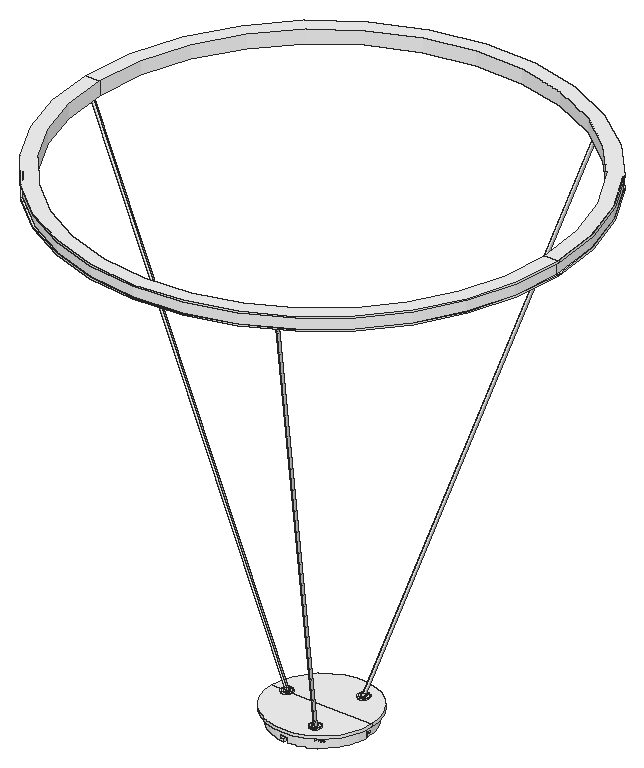
Revit family "(VRO) Vicky Ring Outward Light Acoustic Light", category Lighting Fixtures, host Face, Revit 2020
Family settings
  Host = Face
  Round Connector Dimension = Use Diameter
  Part Type = Normal
  Cut with Voids When Loaded = No
  Light Source = Yes
  Shared = No
  Room Calculation Point = No
Parameters (values of type "VRO-7047-30901-ACPMK-WH")
  Wattage Comments = "70 W"
  Wattage = 32.9873 W
  built-in parameter 1150110 = 1 (stored number, unit not read)
  Voltage = "120-277 V"  # constant formula
  URL = "https://www.abovealllighting.com/product/LED-INDOOR-FIXTURE/Ring/VROVickyRingOutwardLight.html"
  Type Comments = "Ring Outward Light Acoustic Light"  # constant formula
  built-in parameter 1114217 = 1 (stored number, unit not read)
  Tilt Angle = -90.00°
  built-in parameter 1150109 = 1 (stored number, unit not read)
  built-in parameter 1150134 = (empty or 0)
  Suspender Height = 4' - 0"  # constant formula
  Surface Mount [instance] = no
  built-in parameter 1150113 = 1 (stored number, unit not read)
  Power Factor = 1
  Photometric Web File = "VRO_7047_30901_WH.ies"
  Order number = "16277"
  Model = "VRO-7047-40901-ACPMK-WH"
  Manufacturer = "Above All Lighting"  # constant formula
  built-in parameter 1150105 = 389.93 (stored number, unit not read)
  Lumens = 4900 lm
  built-in parameter 1150115 = 1 (stored number, unit not read)
  Load Classification = Lighting
  built-in parameter 1150137 = (empty or 0)
  built-in parameter 1150139 = (empty or 0)
  built-in parameter 1150112 = 1 (stored number, unit not read)
  built-in parameter 1150114 = 1 (stored number, unit not read)
  Inside Body Material = none
  Inside Body [instance] = no
  Inner Diameter = D1 - 0' 1 77/256"  # 1' - 10 77/256"
  built-in parameter 1150132 = 2
  built-in parameter 1150102 = (empty or 0)
  built-in parameter 1150107 = 3000 (stored number, unit not read)
  built-in parameter 1150138 = (empty or 0)
  built-in parameter 1150106 = 3.8993 (stored number, unit not read)
  IP Rating = "20"  # constant formula
  H2 = Suspender Height - B  # 3' - 10.62"
  H1 = sqrt((D3 ^ 2) + (H2 ^ 2))  # 4' - 2.57317"
  H = 0' - 1.3"
  Finish/Color = White
  built-in parameter 1150104 = 13.8 (stored number, unit not read)
  Dimming Lamp Color Temperature Shift = <None>
  Dimming / Control = "0-10 V"  # constant formula
  Description = "The Vicky Ring light is a unique ring style light with an LED light source illuminating from its outer surface."  # constant formula
  Default Elevation = 0' - 0"
  D3 = D2 - A1  # 1' - 7 77/128"
  D2 = D1 - 0' 0 1/2"  # 1' - 11 13/128"
  D1 = 1' - 11 77/128"
  D = D1 * 2  # 3' - 11 13/64"
  Color Filter = 16777215
  CRI = "90"  # constant formula
  C = 0' - 1.4"
  built-in parameter 1114218 = 1 (stored number, unit not read)
  B = 0' - 1.38"
  Average life based on 77F(HRS) = "50000"  # constant formula
  built-in parameter 1150133 = 10 (stored number, unit not read)
  Apparent Load = 87.5 VA
  Aircraft Cable Pendant Mount [instance] = not(Surface Mount)  # yes
  A1 = A - 0' 1 1/2"  # 0' - 3 1/2"
  A = 0' - 5"
Types (8): name | Wattage Comments | Wattage | built-in parameter 1150134 | Photometric Web File | Order number | Model | built-in parameter 1150105 | Lumens | Inside Body Material | Inside Body | Inner Diameter | built-in parameter 1150107 | built-in parameter 1150106 | H1 | Finish/Color | Default Elevation | D3 | D2 | D1 | D | Apparent Load
  (no name) | "70 W" | 32.9873 W | (empty or 0) | "VRO_7047_30901_WH.ies" | "16277" | "VRO-7047-40901-ACPMK-WH" | 389.93 (stored number, unit not read) | 4900 lm | none | no | 1' - 10 77/256" | 3000 (stored number, unit not read) | 3.8993 (stored number, unit not read) | 4' - 2.57317" | White | 0' - 0" | 1' - 7 77/128" | 1' - 11 13/128" | 1' - 11 77/128" | 3' - 11 13/64" | 87.5 VA
  VRO-3624-40901-ACPMK-WH | "32 W" | 15.0799 W | 12 | "VRO-3624-40901-WH.ies" | "16275" | "VRO-3624-40901-ACPMK-WH" | 178.25 (stored number, unit not read) | 2240 lm | none | no | 0' - 10 1/2" | 4000 (stored number, unit not read) | 1.7825 (stored number, unit not read) | 3' - 11.26814" | White | 0' - 0" | 0' - 7 205/256" | 0' - 11 77/256" | 0' - 11 205/256" | 1' - 11 77/128" | 40 VA
  VRO-4035-30901-ACPMK-WH | "40 W" | 18.8499 W | (empty or 0) | "VRO_4035_30901_WH.ies" | "16276" | "VRO-4035-40901-ACPMK-WH" | 222.82 (stored number, unit not read) | 2800 lm | none | no | 1' - 4 51/128" | 3000 (stored number, unit not read) | 2.2282 (stored number, unit not read) | 4' - 0.59108" | White | 4' - 0" | 1' - 1 179/256" | 1' - 5 51/256" | 1' - 5 179/256" | 2' - 11 51/128" | 50 VA
  VRO-7047-30901-ACPMK-WH | "70 W" | 32.9873 W | (empty or 0) | "VRO_7047_30901_WH.ies" | "16277" | "VRO-7047-40901-ACPMK-WH" | 389.93 (stored number, unit not read) | 4900 lm | none | no | 1' - 10 77/256" | 3000 (stored number, unit not read) | 3.8993 (stored number, unit not read) | 4' - 2.57317" | White | 0' - 0" | 1' - 7 77/128" | 1' - 11 13/128" | 1' - 11 77/128" | 3' - 11 13/64" | 87.5 VA
  VRO-8059-30901-ACPMK-WH | "80 W" | 37.6998 W | (empty or 0) | "VRO_8059_30901_WH.ies" | "16278" | "VRO-8059-40901-ACPMK-WH" | 445.63 (stored number, unit not read) | 5600 lm | none | no | 2' - 4 1/4" | 3000 (stored number, unit not read) | 4.4563 (stored number, unit not read) | 4' - 5.16264" | Alluminium Fiber | 0' - 0" | 2' - 1 141/256" | 2' - 5 13/256" | 2' - 5 141/256" | 4' - 11 13/128" | 100 VA
  VRO-LA-3624-40901-ACPMK-WH-NSAC-021 130 | "32 W" | 15.0799 W | 12 | "VRO_LA_3624_XX901_with_acoustic.ies" | "16283" | "VRO-LA-3624-40901-ACPMK-WH-NSAC-021 130" | 178.25 (stored number, unit not read) | 2240 lm | Acoustic -130 | yes | 0' - 10 1/2" | 4000 (stored number, unit not read) | 1.7825 (stored number, unit not read) | 3' - 11.26814" | Alluminium Fiber | 0' - 0" | 0' - 7 205/256" | 0' - 11 77/256" | 0' - 11 205/256" | 1' - 11 77/128" | 40 VA
  VRO-LA-4035-40901-ACPMK-WH-NSAC-021 130 | "40 W" | 18.8499 W | 12 | "VRO_LA_4035_XX901_with_acoustic.ies" | "16284" | "VRO-LA-4035-40901-ACPMK-WH-NSAC-021 130" | 222.82 (stored number, unit not read) | 2800 lm | Acoustic -130 | yes | 1' - 4 51/128" | 4000 (stored number, unit not read) | 2.2282 (stored number, unit not read) | 4' - 0.59108" | Alluminium Fiber | 0' - 0" | 1' - 1 179/256" | 1' - 5 51/256" | 1' - 5 179/256" | 2' - 11 51/128" | 50 VA
  VRO-LA-7047-40901-ACPMK-WH-NSAC-021 130 | "70 W" | 32.9873 W | 12 | "VRO_LA_7047_XX901_with_acoustic.ies" | "16285" | "VRO-LA-7047-40901-ACPMK-WH-NSAC-021 130" | 389.93 (stored number, unit not read) | 4900 lm | Acoustic -130 | yes | 1' - 10 77/256" | 4000 (stored number, unit not read) | 3.8993 (stored number, unit not read) | 4' - 2.57317" | Alluminium Fiber | 0' - 0" | 1' - 7 77/128" | 1' - 11 13/128" | 1' - 11 77/128" | 3' - 11 13/64" | 87.5 VA
Reference planes (in)
  plane 1 "Center (Front/Back)": y = 0
  plane 2: z = 0
  plane 3 "Center (Left/Right)": x = 0
  plane 4: z = 1.38
  plane 5: z = 48
  plane 6: z = 49.3
  plane 7: x = -3.5
  plane 8: x = -23.10156
  plane 9: y = -3.5
  plane 10: y = 3.5
  plane 11: y = -3.0424
  plane 12: through (0, 0, 48) normal (0.866, 0.5, 0)
  plane 13: through (0, 0, 48) normal (-0.866, 0.5, 0)
  plane 14: through (1.75, -3.03109, 48) normal (-0.5, 0.866, 0)
  plane 15: through (1.75, 3.03109, 48) normal (0.5, 0.866, 0)
Forms (in)
  Revolve 1, solid, material "White" <- "Finish/Color", visible <- "Aircraft Cable Pendant Mount"
    sketch origin (0, 0, 0) x (1, 0, 0) y (0, 0, 1)
      loop
        line (0, 1.38) -> (-5, 1.38) -> (-5, 1.13) -> (-4.5, 1.13) -> (-4.5, 0) -> (-4.25, 0) -> (-4.25, 1.13) -> (0, 1.13) -> (0, 1.38)
      axis (0, 0) -> (0, 1.38)
    angle from 0 to 360
  Extrusion 2, void
    sketch origin (0, 0, 0) x (1, 0, 0) y (0, 0, 1)
      loop
        line (0.15625, 0) -> (0.15625, 0.5) -> (-0.47692, 0.5) -> (-0.47692, 0.25) -> (-0.15625, 0.25) -> (-0.15625, 0) -> (0.15625, 0)
    from -7.02479 to 6.62449
  Extrusion 3, void
    sketch origin (0, 0, 0) x (0, 1, 0) y (0, 0, 1)
      loop
        line (-0.15625, 0) -> (0.15625, 0) -> (0.15625, 0.25) -> (0.47692, 0.25) -> (0.47692, 0.5) -> (-0.15625, 0.5) -> (-0.15625, 0)
    from -6.62287 to 6.36874
  Revolve 4, solid, material "White" <- "Finish/Color", visible <- "Aircraft Cable Pendant Mount"
    sketch origin (0, 0, 0) x (1, 0, 0) y (0, 0, 1)
      loop
        line (-22.20156, 48) -> (-22.20156, 49.3) -> (-23.60156, 49.3) -> (-23.60156, 49.175) -> (-23.47656, 49.175) -> (-23.47656, 48.125) -> (-23.60156, 48.125) -> (-23.60156, 48) -> (-22.20156, 48)
      axis (0, 49.3) -> (0, 48)
    angle from 0 to 360
  Extrusion 5, void
    sketch origin (0, 0, 0) x (1, 0, 0) y (0, 0, 1)
      loop
        arc (2.42115, 1.06858) -> (2.39629, 1.05828) -> (2.38599, 1.03342) r 0.03516
        line (2.38599, 1.03342) -> (2.38599, 0.6685)
        arc (2.38599, 0.6685) -> (2.39682, 0.64236) -> (2.42295, 0.63154) r 0.03696
        line (2.42295, 0.63154) -> (2.51418, 0.63154)
        arc (2.51418, 0.63154) -> (2.53769, 0.64127) -> (2.54742, 0.66478) r 0.03324
        line (2.54742, 0.66478) -> (2.54742, 1.03342)
        arc (2.54742, 1.03342) -> (2.53713, 1.05828) -> (2.51227, 1.06858) r 0.03516
        line (2.51227, 1.06858) -> (2.42115, 1.06858)
      loop
        arc (2.67115, 1.06858) -> (2.64629, 1.05828) -> (2.63599, 1.03342) r 0.03516
        line (2.63599, 1.03342) -> (2.63599, 0.6685)
        arc (2.63599, 0.6685) -> (2.64682, 0.64236) -> (2.67295, 0.63154) r 0.03696
        line (2.67295, 0.63154) -> (2.76418, 0.63154)
        arc (2.76418, 0.63154) -> (2.78769, 0.64127) -> (2.79742, 0.66478) r 0.03324
        line (2.79742, 0.66478) -> (2.79742, 1.03342)
        arc (2.79742, 1.03342) -> (2.78713, 1.05828) -> (2.76227, 1.06858) r 0.03516
        line (2.76227, 1.06858) -> (2.67115, 1.06858)
      loop
        arc (2.92115, 1.06858) -> (2.89629, 1.05828) -> (2.88599, 1.03342) r 0.03516
        line (2.88599, 1.03342) -> (2.88599, 0.6685)
        arc (2.88599, 0.6685) -> (2.89682, 0.64236) -> (2.92295, 0.63154) r 0.03696
        line (2.92295, 0.63154) -> (3.01418, 0.63154)
        arc (3.01418, 0.63154) -> (3.03769, 0.64127) -> (3.04742, 0.66478) r 0.03324
        line (3.04742, 0.66478) -> (3.04742, 1.03342)
        arc (3.04742, 1.03342) -> (3.03713, 1.05828) -> (3.01227, 1.06858) r 0.03516
        line (3.01227, 1.06858) -> (2.92115, 1.06858)
    from 0 to 12
  Revolve 6, solid, material "White" <- "Finish/Color", visible <- "Aircraft Cable Pendant Mount"
    sketch origin (0, 0, 0) x (1, 0, 0) y (0, 0, 1)
      loop
        line (-3.5, 1.38) -> (-3.5, 1.72867) -> (-3.66885, 1.72867) -> (-3.66885, 1.5483)
        arc (-3.66885, 1.5483) -> (-3.68925, 1.49906) -> (-3.73848, 1.47867) r 0.06963
        line (-3.73848, 1.47867) -> (-4.00049, 1.47867)
        arc (-4.00049, 1.47867) -> (-4.01672, 1.47195) -> (-4.02344, 1.45572) r 0.02295
        line (-4.02344, 1.45572) -> (-4.02344, 1.38) -> (-3.5, 1.38)
      axis (-3.5, 1.72867) -> (-3.5, 1.38)
    angle from 0 to 360
  Revolve 7, solid, material "White" <- "Finish/Color", visible <- "Aircraft Cable Pendant Mount"
    sketch origin (0, 0, 0) x (-0.5, 0.866025, 0) y (0, 0, 1)
      loop
        line (-3.5, 1.38) -> (-3.5, 1.72867) -> (-3.66885, 1.72867) -> (-3.66885, 1.5483)
        arc (-3.66885, 1.5483) -> (-3.68925, 1.49906) -> (-3.73848, 1.47867) r 0.06963
        line (-3.73848, 1.47867) -> (-4.00049, 1.47867)
        arc (-4.00049, 1.47867) -> (-4.01672, 1.47195) -> (-4.02344, 1.45572) r 0.02295
        line (-4.02344, 1.45572) -> (-4.02344, 1.38) -> (-3.5, 1.38)
      axis (-3.5, 1.72867) -> (-3.5, 1.38)
    angle from 0 to 360
  Revolve 8, solid, material "White" <- "Finish/Color", visible <- "Aircraft Cable Pendant Mount"
    sketch origin (0, 0, 0) x (-0.5, -0.866025, 0) y (0, 0, 1)
      loop
        line (-3.5, 1.38) -> (-3.5, 1.72867) -> (-3.66885, 1.72867) -> (-3.66885, 1.5483)
        arc (-3.66885, 1.5483) -> (-3.68925, 1.49906) -> (-3.73848, 1.47867) r 0.06963
        line (-3.73848, 1.47867) -> (-4.00049, 1.47867)
        arc (-4.00049, 1.47867) -> (-4.01672, 1.47195) -> (-4.02344, 1.45572) r 0.02295
        line (-4.02344, 1.45572) -> (-4.02344, 1.38) -> (-3.5, 1.38)
      axis (-3.5, 1.72867) -> (-3.5, 1.38)
    angle from 0 to 360
  Revolve 9, solid, material "Acoustic", visible <- "Inside Body"
    sketch origin (0, 0, 0) x (1, 0, 0) y (0, 0, 1)
      loop
        line (0, 48) -> (0, 48.5) -> (-22.30078, 48.5) -> (-22.30078, 48) -> (0, 48)
      axis (0, 48.5) -> (0, 48)
    angle from 0 to 360
Cuts and joins
  Extrusion 2, Extrusion 3, Extrusion 5 cuts Revolve 1
Dimensions and locks (in)
  "B": plane 4 to plane 2
  "A": plane 3 "Center (Left/Right)" to Revolve 1 sketch curve
  locked: Revolve 1 sketch curve to Revolve 1 sketch curve at 0.25
  "H": plane 6 to plane 5
  "Suspender Height": plane 5 to plane 2
  "D1": plane 3 "Center (Left/Right)" to Revolve 4 sketch curve
  "A1": plane 3 "Center (Left/Right)" to plane 7
  "D2": plane 3 "Center (Left/Right)" to plane 8
  Revolve 6 sketch curve to Revolve 6 sketch curve = 0' - 0 67/128"
  Revolve 7 sketch curve to Revolve 7 sketch curve = 0' - 0 67/128"
  Revolve 8 sketch curve to Revolve 8 sketch curve = 0' - 0 67/128"
  "A1": plane 9 to plane 1 "Center (Front/Back)"
  "A1": plane 1 "Center (Front/Back)" to plane 10
  locked: Revolve 4 sketch curve to Revolve 4 sketch curve at 1.275
  locked: Revolve 4 sketch curve to Revolve 4 sketch curve at 1.4
  locked: Revolve 9 sketch curve to Revolve 9 sketch curve at 0.5
  "Inner Diameter": plane 3 "Center (Left/Right)" to Revolve 9 sketch curve
  locked: plane 13 to plane 3 "Center (Left/Right)" (angle 30.00°)
  locked: plane 3 "Center (Left/Right)" to plane 12 (angle 30.00°)
  locked: plane 15 to plane 13 (angle 90.00°)
  locked: plane 12 to plane 14 (angle 90.00°)
  aligned and locked: plane 2 to host face
  aligned and locked: level to host face
  aligned and locked: plane 3 "Center (Left/Right)" to Revolve 1 sketch curve  (x2)
  aligned and locked: plane 4 to Revolve 1 sketch curve
  aligned and locked: Revolve 1 sketch curve to host face
  aligned and locked: plane 4 to nested 3
  aligned and locked: plane 4 to nested 2
  aligned and locked: plane 4 to nested 1
  aligned and locked: nested 2 to plane 12
  aligned and locked: plane 14 to nested 2
  aligned and locked: plane 1 "Center (Front/Back)" to nested 3
  aligned and locked: nested 3 to plane 7
  aligned and locked: nested 1 to plane 15
  aligned and locked: nested 1 to plane 13
  aligned and locked: nested 4 to plane 2
  aligned and locked: plane 5 to imposter light
  aligned and locked: plane 3 "Center (Left/Right)" to imposter light
  aligned and locked: plane 6 to Revolve 4 sketch curve
  aligned and locked: Revolve 4 sketch curve to plane 5
  aligned and locked: plane 5 to Revolve 9 sketch curve
  aligned and locked: Revolve 9 sketch curve to plane 3 "Center (Left/Right)"  (x2)
Automatic sketch dimensions
  host sketch curve to host sketch curve = 10' - 0.41868"
  host sketch curve to host sketch curve = 10' - 0"
  Extrusion 2 sketch curve to level = 0' - 0"
  level to Extrusion 2 sketch curve = 0' - 0 1/4"
  Extrusion 2 sketch curve to plane 3 "Center (Left/Right)" = 0' - 0.47692"
  Extrusion 2 sketch curve to plane 3 "Center (Left/Right)" = 0' - 0 5/32"
  plane 3 "Center (Left/Right)" to Extrusion 2 sketch curve = 0' - 0 5/32"
  Extrusion 2 sketch curve to Extrusion 2 sketch curve = 0' - 0 1/4"
  plane 1 "Center (Front/Back)" to Extrusion 3 sketch curve = 0' - 0 5/32"
  Extrusion 3 sketch curve to Extrusion 3 sketch curve = 0' - 0 5/16"
  Extrusion 3 sketch curve to Extrusion 3 sketch curve = 0' - 0.32067"
  level to Extrusion 3 sketch curve = 0' - 0"
  Extrusion 3 sketch curve to Extrusion 3 sketch curve = 0' - 0 1/4"  (x2)
  level to Extrusion 5 sketch curve = 0' - 0.6685"
  plane 3 "Center (Left/Right)" to Extrusion 5 sketch curve = 0' - 2.38599"
  Extrusion 5 sketch curve to Extrusion 5 sketch curve = 0' - 0 9/256"  (x6)
  Extrusion 5 sketch curve to Extrusion 5 sketch curve = 0' - 0.03696"  (x3)
  Extrusion 5 sketch curve to Extrusion 5 sketch curve = 0' - 0.09112"  (x3)
  Extrusion 5 sketch curve to Extrusion 5 sketch curve = 0' - 0.09123"  (x3)
  Extrusion 5 sketch curve to Extrusion 5 sketch curve = 0' - 0.08857"  (x2)
  Extrusion 5 sketch curve to Extrusion 5 sketch curve = 0' - 0.03324"  (x2)
  Extrusion 5 sketch curve to plane 4 = 0' - 0.34658"
  Extrusion 5 sketch curve to Extrusion 5 sketch curve = 0' - 0"  (x2)
  Revolve 6 sketch curve to Revolve 6 sketch curve = 0' - 0.02295"
  Revolve 6 sketch curve to Revolve 6 sketch curve = 0' - 0.16885"
  Revolve 6 sketch curve to Revolve 6 sketch curve = 0' - 0.18037"
  Revolve 6 sketch curve to Revolve 6 sketch curve = 0' - 0.16809"
  Revolve 6 sketch curve to Revolve 6 sketch curve = 0' - 0.06963"
  Revolve 6 sketch curve to Revolve 6 sketch curve = 0' - 0.07572"
  Revolve 6 sketch curve to Revolve 6 sketch curve = 0' - 0"
  Revolve 6 sketch curve to Revolve 6 sketch curve = 0' - 0.16439"
  Revolve 7 sketch curve to Revolve 7 sketch curve = 0' - 0.02295"
  Revolve 7 sketch curve to Revolve 7 sketch curve = 0' - 0.16885"
  Revolve 7 sketch curve to Revolve 7 sketch curve = 0' - 0.18037"
  Revolve 7 sketch curve to Revolve 7 sketch curve = 0' - 0.16809"
  Revolve 7 sketch curve to Revolve 7 sketch curve = 0' - 0.06963"
  Revolve 7 sketch curve to Revolve 7 sketch curve = 0' - 0.07572"
  Revolve 7 sketch curve to Revolve 7 sketch curve = 0' - 0"
  Revolve 7 sketch curve to Revolve 7 sketch curve = 0' - 0.16439"
  Revolve 8 sketch curve to Revolve 8 sketch curve = 0' - 0.02295"
  Revolve 8 sketch curve to Revolve 8 sketch curve = 0' - 0.16885"
  Revolve 8 sketch curve to Revolve 8 sketch curve = 0' - 0.18037"
  Revolve 8 sketch curve to Revolve 8 sketch curve = 0' - 0.16809"
  Revolve 8 sketch curve to Revolve 8 sketch curve = 0' - 0.06963"
  Revolve 8 sketch curve to Revolve 8 sketch curve = 0' - 0.07572"
  Revolve 8 sketch curve to Revolve 8 sketch curve = 0' - 0"
  Revolve 8 sketch curve to Revolve 8 sketch curve = 0' - 0.16439"
  Revolve 1 sketch curve to plane 4 = 0' - 0 1/4"  (x2)
  Revolve 1 sketch curve to Revolve 1 sketch curve = 0' - 0 1/2"
  Revolve 1 sketch curve to level = 0' - 2 1/4"
  Revolve 1 sketch curve to Revolve 1 sketch curve = 0' - 0.12"
  Revolve 4 sketch curve to plane 3 "Center (Left/Right)" = 0' - 0"
  Revolve 4 sketch curve to Revolve 4 sketch curve = 0' - 0 1/8"
  plane 5 to Revolve 4 sketch curve = 0' - 0 1/8"
  Revolve 4 sketch curve to plane 6 = 0' - 0 1/8"
  Revolve 4 sketch curve to level = 2' - 0"
  plane 6 to Revolve 4 sketch curve = 6' - 5.41882"
  Revolve 9 sketch curve to Revolve 9 sketch curve = 0' - 2 1/4"
  plane 6 to Revolve 9 sketch curve = 0' - 1.95"
Nested families (in)
  nested 1: "Family5" at (0, 0, 1.42845) x (-0.5, -0.866, 0) z (0, 0, 1), A1 <- "A1", D2 <- "D2", Suspender Height <- "H2", Suspender Material <- "Finish/Color", visible <- "Aircraft Cable Pendant Mount", type "Family5"
    with Suspender Material White, Suspender Height 3' - 10.62", H1 4' - 2.57317", D3 1' - 7 77/128", D2 1' - 11 13/128", Aircraft Cable Pendant Mount yes, A1 0' - 3 1/2"
  nested 2: "Family5" at (0, 0, 1.42845) x (-0.5, 0.866, 0) z (0, 0, 1), A1 <- "A1", D2 <- "D2", Suspender Height <- "H2", visible <- "Aircraft Cable Pendant Mount", Suspender Material <- "Finish/Color", type "Family5"
    with Suspender Material White, Suspender Height 3' - 10.62", H1 4' - 2.57317", D3 1' - 7 77/128", D2 1' - 11 13/128", Aircraft Cable Pendant Mount yes, A1 0' - 3 1/2"
  nested 3: "Family5" at (0, 0, 1.42845), A1 <- "A1", D2 <- "D2", Suspender Height <- "H2", visible <- "Aircraft Cable Pendant Mount", Suspender Material <- "Finish/Color", type "Family5"
    with Suspender Material White, Suspender Height 3' - 10.62", H1 4' - 2.57317", D3 1' - 7 77/128", D2 1' - 11 13/128", Aircraft Cable Pendant Mount yes, A1 0' - 3 1/2"
  nested 4: "Family1" at (0, 0, 0), visible <- "Surface Mount", Body Material <- "Finish/Color", Surface Mount <- "Surface Mount", D1 <- "D1", type "Family1"
    with Surface Mount no, D1 1' - 11 77/128", Body Material White
Connectors (in)
  electrical at (-0.20934, 0, 0), driven by "Load Classification", driven by "Apparent Load", driven by "Power Factor"
    settings: on host face, index 1, voltage 0 V, apparent load 87.5 VA, apparent load phase1 0 VA, apparent load phase2 0 VA, apparent load phase3 0 VA, power factor 1, load classification "Lighting", number of poles 1, system type 30, power factor state 1, is connector primary yes, connector utility no, sub classification motor no, connector description ""
Definition of nested family "Family5"
  Parameters (values of type "Family5")
    Suspender Material [instance] = none
    Suspender Height [instance] = 2' - 3.30679"
    H1 [instance] = sqrt(D3 ^ 2 + Suspender Height ^ 2)  # 3' - 1.49148"
    Default Elevation = 0' - 0"
    D3 [instance] = D2 - A1  # 2' - 1.6895"
    D2 [instance] = 3' - 0"
    Aircraft Cable Pendant Mount [instance] = yes
    A1 [instance] = 0' - 10.3105"
  Reference planes (in)
    plane 1 "Center (Front/Back)": y = 0
    plane 2: z = 0
    plane 3 "Center (Left/Right)": x = 0
    plane 4: x = -36
    plane 5: x = -10.3105
    plane 6: z = 27.30679
  Forms (in)
    Sweep 1, solid, material <- "Suspender Material", visible <- "Aircraft Cable Pendant Mount"
      path origin (0, 0, 0) x (1, 0, 0) y (0, 0, 1)
        loop
          line (-10.3105, 0) -> (-36, 27.30679)
      profile origin (-23.15525, 0, 13.65339) x (-0.728346, 0, -0.685209) y (0, -1, 0)
        loop
          circle (0, 0) r 0.125
  Dimensions and locks (in)
    "D2": plane 3 "Center (Left/Right)" to plane 4
    "A1": plane 3 "Center (Left/Right)" to plane 5
    "Suspender Height": plane 6 to plane 2
    "H1": Sweep 1 sketch curve to Sweep 1 sketch curve
    locked: Sweep 1 sketch curve to profile plane  (x2)
    aligned and locked: plane 2 to level
    aligned and locked: plane 2 to Sweep 1 sketch curve
    aligned and locked: plane 5 to Sweep 1 sketch curve
    aligned and locked: plane 4 to Sweep 1 sketch curve
  Automatic sketch dimensions
    radius of Sweep 1 sketch curve = 0' - 0 1/8"
Definition of nested family "Family1"
  Parameters (values of type "Family1")
    Surface Mount [instance] = yes
    Default Elevation = 0' - 0"
    D1 [instance] = 0' - 11.8"
    Body Material [instance] = none
  Reference planes (in)
    plane 1 "Center (Front/Back)": y = 0
    plane 2: z = 0
    plane 3 "Center (Left/Right)": x = 0
  Forms (in)
    Revolve 1, solid, visible <- "Surface Mount"
      sketch origin (0, 0, 0) x (1, 0, 0) y (0, 0, 1)
        loop
          line (-11.8, 0) -> (-10.4, 0) -> (-10.4, 0.125) -> (-10.525, 0.125) -> (-10.525, 1.175) -> (-10.4, 1.175) -> (-10.4, 1.3) -> (-11.8, 1.3) -> (-11.8, 0)
        axis (0, 0) -> (0, 1.3)
      angle from 0 to 360
  Dimensions and locks (in)
    locked: Revolve 1 sketch curve to Revolve 1 sketch curve at 1.4
    locked: Revolve 1 sketch curve to Revolve 1 sketch curve at 1.3
    "D1": plane 3 "Center (Left/Right)" to Revolve 1 sketch curve
    aligned and locked: plane 2 to level
    aligned and locked: plane 3 "Center (Left/Right)" to Revolve 1 sketch curve
  Automatic sketch dimensions
    Revolve 1 sketch curve to level = 0' - 0"
    Revolve 1 sketch curve to Revolve 1 sketch curve = 0' - 0 1/8"  (x4)
    level to Revolve 1 sketch curve = 0' - 0 1/8"
    Revolve 1 sketch curve to Revolve 1 sketch curve = 0' - 1 3/4"
